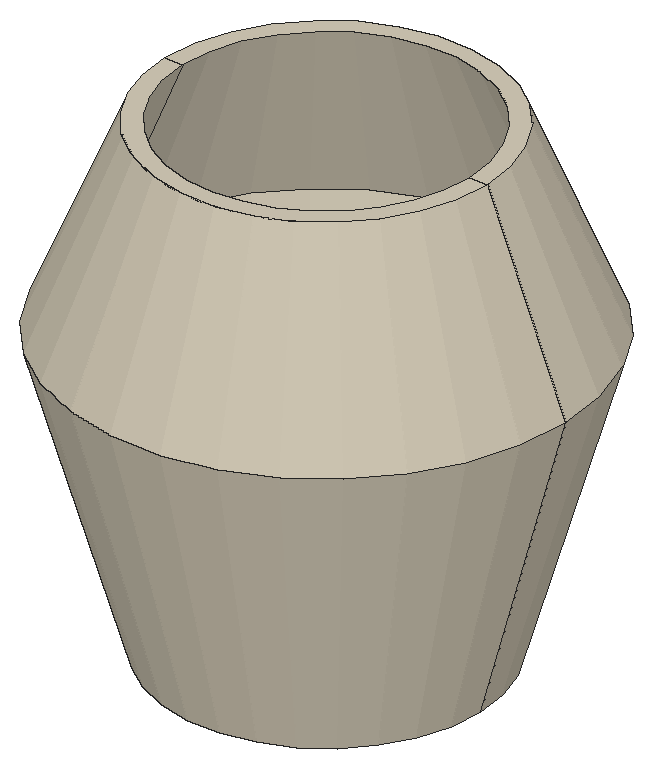
Revit family "Specialty_Equipment-Fiberstone_Planter-Planters_Unlimited-Volta-Low-Round", category Specialty Equipment, Revit 2023
Family settings
  Round Connector Dimension = Use Diameter
  Part Type = Normal
  OmniClass Number = 23.40.05.21.17
  OmniClass Title = Planters
  Work Plane-Based = No
  Enable Cutting in Views = No
  Always vertical = Yes
  Cut with Voids When Loaded = No
  Maintain Annotation Orientation = No
  Shared = No
  Room Calculation Point = No
Parameters (values of type "18"Dia x 18"H")
  URL = "https://www.plantersunlimited.com"
  Type Comments = "Round Planter"  # constant formula
  Model = "Volta Low Round Planter"  # constant formula
  Manufacturer = "Planters Unlimited"  # constant formula
  Description = "Volta Low Round Planter"  # constant formula
  Default Elevation = 0.0"
  CD_Specification = "https://www.plantersunlimited.com/content/Planters/C19-VOL-R.pdf"
  CD_Radius = CD_Diameter / 2  # 9.0"
  CD_Radius Lip = (CD_Diameter / 2) - 3.6"  # 5.4"
  CD_Product Page URL = "https://www.plantersunlimited.com/volta-planters/"
  CD_Product Name [instance] = "Volta Low Round Planter"  # constant formula
  CD_Pad Spacing = CD_Base Radius - 2.5"  # 3.3"
  CD_Microsite = "https://www.caddetails.com/3404"
  CD_Height = 18.0"
  CD_Finish = Plastic-Fiberstone-Carlsbad-Chenza
  CD_Diameter = 18.0"
  CD_Created By = "CADdetails LTD. 2025"  # constant formula
  CD_Base Radius = (CD_Diameter / 2) - 3.2"  # 5.8"
  Assembly Code = "G2050600"
Reference planes (in)
  plane 1 "Center (Front/Back)": y = 0
  plane 2 "Bottom": z = 0
  plane 3 "Center (Left/Right)": x = 0
  plane 4 "Back": y = 9
  plane 5 "Front": y = -9
  plane 6 "Top": z = 18
  plane 7 "Pad": z = 0.125
  plane 8 "Pad 1": y = 3.3
  plane 9 "Pad 4": y = -3.3
  plane 10 "Right": x = 9
  plane 11 "Left": x = -9
  plane 12 "Top Band": z = 11
  plane 13: x = 8.43658
  plane 14 "Pad 2": x = -3.3
  plane 15 "Pad 3": x = 3.3
Forms (in)
  Extrusion 1, solid, material "Plastic-Fiberstone-Carlsbad-Chenza" <- "CD_Finish", detail levels fine
    sketch origin (0, 0, 0.125) x (-1, 0, 0) y (0, -1, 0)
      loop
        line (1.5, -4.8) -> (1.5, -1.8) -> (-1.5, -1.8) -> (-1.5, -4.8) -> (1.5, -4.8)
    from -0.125 to 0
  Extrusion 2, solid, material "Plastic-Fiberstone-Carlsbad-Chenza" <- "CD_Finish", detail levels fine
    sketch origin (0, 0, 0.125) x (-1, 0, 0) y (0, -1, 0)
      loop
        line (1.8, -1.5) -> (4.8, -1.5) -> (4.8, 1.5) -> (1.8, 1.5) -> (1.8, -1.5)
    from -0.125 to 0
  Extrusion 3, solid, material "Plastic-Fiberstone-Carlsbad-Chenza" <- "CD_Finish", detail levels fine
    sketch origin (0, 0, 0.125) x (-1, 0, 0) y (0, -1, 0)
      loop
        line (-1.81761, -1.5) -> (-1.81761, 1.5) -> (-4.78239, 1.5) -> (-4.78239, -1.5) -> (-1.81761, -1.5)
    from -0.125 to 0
  Extrusion 4, solid, material "Plastic-Fiberstone-Carlsbad-Chenza" <- "CD_Finish", detail levels fine
    sketch origin (-9.5, -9.5, 0.125) x (-1, 0, 0) y (0, -1, 0)
      loop
        line (-8.01761, -7.7) -> (-8.01761, -4.7) -> (-10.98239, -4.7) -> (-10.98239, -7.7) -> (-8.01761, -7.7)
    from -0.125 to 0
  Revolve 5, solid, material "Plastic-Fiberstone-Carlsbad-Chenza" <- "CD_Finish"
    sketch origin (0, 0, 0) x (1, 0, 0) y (0, 0, 1)
      loop
        line (6.06435, 18) -> (5.4, 18) -> (8.43658, 11) -> (5.61112, 0.625) -> (0, 0.625) -> (0, 0.125) -> (5.8, 0.125) -> (9, 11) -> (6.06435, 18)
      axis (0, 18) -> (0, 0.125)
    angle from 0 to 360
Dimensions and locks (in)
  equal spacing: plane 5 "Front", plane 1 "Center (Front/Back)", plane 4 "Back"
  "CD_Diameter": plane 5 "Front" to plane 4 "Back"
  locked: plane 7 "Pad" to plane 2 "Bottom" at 0.125
  locked: Extrusion 1 sketch curve to Extrusion 1 sketch curve at 3  (x2)
  equal spacing: Extrusion 1 sketch curve, plane 3 "Center (Left/Right)", Extrusion 1 sketch curve, locked at 1.5 each
  equal spacing: Extrusion 1 sketch curve, plane 8 "Pad 1", Extrusion 1 sketch curve
  locked: Extrusion 3 sketch curve to Extrusion 3 sketch curve at 2.96479
  locked: Extrusion 3 sketch curve to Extrusion 3 sketch curve at 3
  locked: Extrusion 4 sketch curve to Extrusion 4 sketch curve at 2.96479
  locked: Extrusion 4 sketch curve to Extrusion 4 sketch curve at 3
  equal spacing: Extrusion 3 sketch curve, plane 1 "Center (Front/Back)", Extrusion 3 sketch curve, locked at 1.5 each
  equal spacing: Extrusion 4 sketch curve, plane 3 "Center (Left/Right)", Extrusion 4 sketch curve, locked at 1.48239 each
  equal spacing: Extrusion 4 sketch curve, plane 9 "Pad 4", Extrusion 4 sketch curve, locked at 1.5 each
  equal spacing: plane 11 "Left", plane 3 "Center (Left/Right)", plane 10 "Right"
  "CD_Diameter": plane 11 "Left" to plane 10 "Right"
  "CD_Height": plane 6 "Top" to level
  locked: Revolve 5 sketch curve to plane 7 "Pad" at 0.5
  "CD_Radius Lip": Revolve 5 sketch curve to plane 3 "Center (Left/Right)"
  "CD_Base Radius": Revolve 5 sketch curve to plane 3 "Center (Left/Right)"
  plane 6 "Top" to plane 12 "Top Band" = 7.0"
  locked: plane 13 to plane 10 "Right" at 0.56342
  Revolve 5 to Revolve 5 = 12.12871"
  locked: Extrusion 2 sketch curve to Extrusion 2 sketch curve at 3  (x2)
  equal spacing: Extrusion 2 sketch curve, plane 14 "Pad 2", Extrusion 2 sketch curve
  equal spacing: Extrusion 2 sketch curve, plane 1 "Center (Front/Back)", Extrusion 2 sketch curve
  equal spacing: Extrusion 3 sketch curve, plane 15 "Pad 3", Extrusion 3 sketch curve
  "CD_Pad Spacing": plane 14 "Pad 2" to plane 3 "Center (Left/Right)"
  "CD_Pad Spacing": plane 1 "Center (Front/Back)" to plane 8 "Pad 1"
  equal spacing: plane 14 "Pad 2", plane 3 "Center (Left/Right)", plane 15 "Pad 3"
  equal spacing: plane 9 "Pad 4", plane 1 "Center (Front/Back)", plane 8 "Pad 1"
  Revolve 5 to Revolve 5 = 11.6"
  plane 12 "Top Band" to level = 11.0"
  plane 11 "Left" to plane 10 "Right" = 18.0"
  "CD_Radius": Revolve 5 sketch curve to plane 3 "Center (Left/Right)"
  aligned and locked: plane 2 "Bottom" to level
  aligned and locked: Extrusion 2 to plane 7 "Pad"
  aligned and locked: Extrusion 4 to plane 7 "Pad"
  aligned and locked: Extrusion 1 to plane 7 "Pad"
  aligned and locked: Extrusion 3 to plane 7 "Pad"
  aligned and locked: Extrusion 2 to plane 2 "Bottom"
  aligned and locked: Extrusion 1 to plane 2 "Bottom"
  aligned and locked: Extrusion 4 to plane 2 "Bottom"
  aligned and locked: Extrusion 3 to plane 2 "Bottom"
  aligned and locked: Revolve 5 sketch curve to plane 3 "Center (Left/Right)"
  aligned and locked: plane 6 "Top" to Revolve 5 sketch curve
  aligned and locked: plane 12 "Top Band" to Revolve 5 sketch curve  (x2)
  aligned and locked: plane 7 "Pad" to Revolve 5 sketch curve
  aligned and locked: plane 13 to Revolve 5 sketch curve
  aligned and locked: plane 3 "Center (Left/Right)" to Revolve 5 sketch curve
Automatic sketch dimensions
  Revolve 5 sketch curve to Revolve 5 sketch curve = 0.18888"
  Revolve 5 sketch curve to Revolve 5 sketch curve = 0.66435"
  Revolve 5 sketch curve to plane 12 "Top Band" = 1.6"
  plane 6 "Top" to Revolve 5 sketch curve = 8.0"
Types in the file's own list only (5): name | CD_Radius | CD_Radius Lip | CD_Pad Spacing | CD_Height | CD_Diameter | CD_Base Radius
  30"Dia x 12"H | 15.0" | 11.4" | 9.3" | 12.0" | 30.0" | 11.8"
  30"Dia x 22"H | 15.0" | 11.4" | 9.3" | 22.0" | 30.0" | 11.8"
  30"Dia x 42"H | 15.0" | 11.4" | 9.3" | 42.0" | 30.0" | 11.8"
  36"Dia x 60"H | 18.0" | 14.4" | 12.3" | 60.0" | 36.0" | 14.8"
  48"Dia x 36"H | 24.0" | 20.4" | 18.3" | 36.0" | 48.0" | 20.8"
